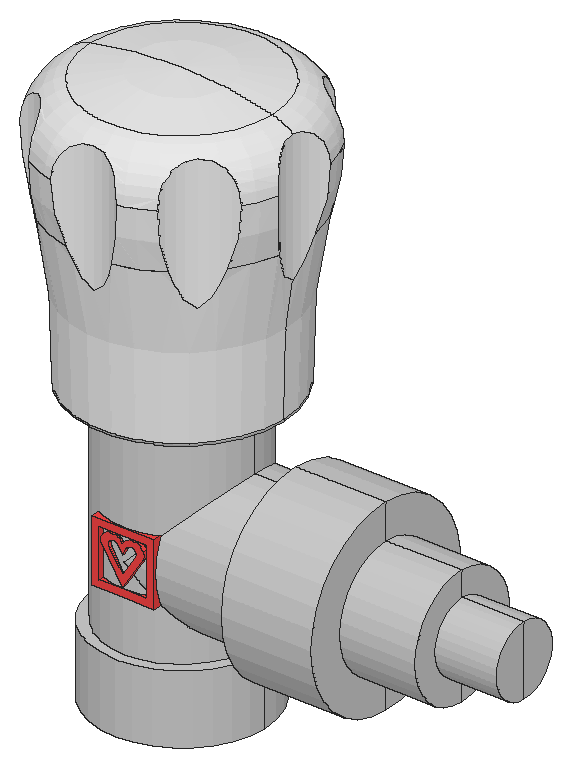
Revit family "GP Radiator Control Valve Angle Model 5524", category Rohrzubehör, Revit 2018
Family settings
  Bemaßung runder Anschluss = Durchmesser verwenden
  Teiletyp = Unterbricht
  OmniClass-Nummer = 23.65.55.14
  OmniClass-Titel = Valves for Liquid Services
  Arbeitsebenenbasiert = Nein
  Immer vertikal = Ja
  Beim Laden mit Abzugskörper schneiden = Nein
  Gemeinsam genutzt = Nein
Parameters
  URL = "www.herzvalves.com"
  SCRNSEQ = "ARM;ARM_TYP=\"ALLF\";2"
  SCRNCODE = "05;00;02"  # constant formula
  S04 = 45.000 mm  # constant formula
  S03 [instance] = H02 - 5.000 mm + 41.000 mm  # 60.000 mm
  S02 [instance] = L04 + L03 - L02  # 25.500 mm
  S01 = 10.000 mm  # constant formula
  Part number [instance] = size_lookup("5524_", "Artnr", 0, Nennweite)  # 1552420
  Nennweite [instance] = 10.000 mm
  Model = "These universal models are nickel-plated and equipped with special sockets for threaded pipe and compression union connections."
  Medium = "Hot water quality according to Austrian standard ÖNORM H 5195 and/or VDI guideline 2035."
  Max. operating temperature = 110 °C  # constant formula
  Max. operating pressure = 1000000.0 Pa  # constant formula
  LO1 [instance] = R01 - 0.500 mm  # 10.000 mm
  L04 [instance] = size_lookup("5524_", "L4", 1.000 mm, Nennweite)  # 20.000 mm
  L03 [instance] = size_lookup("5524_", "L3", 1.000 mm, Nennweite)  # 13.000 mm
  L02 [instance] = size_lookup("5524_", "L2", 1.000 mm, Nennweite)  # 7.500 mm
  L01 [instance] = size_lookup("5524_", "L1", 1.000 mm, Nennweite)  # 24.000 mm
  Hersteller = "HERZ Armaturen Ges.m.b.H."  # constant formula
  Hand wheel = "plastic, white"  # constant formula
  H03 [instance] = size_lookup("5524_", "H3", 1.000 mm, Nennweite)  # 10.000 mm
  H02 [instance] = size_lookup("5524_", "H2", 1.000 mm, Nennweite)  # 24.000 mm
  H01 [instance] = size_lookup("5524_", "H1", 1.000 mm, Nennweite)  # 22.000 mm
  GT1 [instance] = size_lookup("5524_", "GT1", 1.000 mm, Nennweite)  # 9.000 mm
  GT [instance] = size_lookup("5524_", "GT", 1.000 mm, Nennweite)  # 9.500 mm
  G2 [instance] = Nennweite / 2  # 5.000 mm
  G1 [instance] = Nennweite / 2  # 5.000 mm
  R01 = 10.500 mm  # constant formula
  D05 [instance] = size_lookup("5524_", "D5", 1.000 mm, Nennweite)  # 8.500 mm
  D04 [instance] = size_lookup("5524_", "D4", 1.000 mm, Nennweite)  # 13.500 mm
  D03 [instance] = R01  # 10.500 mm
  D02 [instance] = size_lookup("5524_", "D2", 1.000 mm, Nennweite)  # 7.940 mm
  D01 [instance] = size_lookup("5524_", "D1", 1.000 mm, Nennweite)  # 12.000 mm
  Body = "nickel-plated"  # constant formula
Reference planes
  plane 1 "Mitte (Vorne/hinten)": y = 0
  plane 2: z = 0
  plane 3 "Mitte (Links/rechts)": x = 0
Forms (mm)
  Revolve 1, solid, material "Messing, weicher Gelbton, geschweißt", detail levels fine
    sketch origin (0, 0, 0) x (1, 0, 0) y (0, 0, 1)
      loop
        line (0, 24) -> (-10.5, 24) -> (-10.5, -12) -> (-12, -12) -> (-12, -22) -> (-5, -22) -> (-5, -12.5) -> (0, -12.5) -> (0, 24)
      axis (0, 24) -> (0, -22)
    angle from 0 to 360
  Revolve 2, solid, material "Messing, weicher Gelbton, geschweißt", detail levels fine
    sketch origin (0, 0, 0) x (1, 0, 0) y (0, 0, 1)
      loop
        line (0, 0) -> (24, 0) -> (24, 7.94) -> (16.5, 7.94) -> (16.5, 10.5) -> (0, 10.5) -> (0, 0)
      axis (0, 0) -> (24, 0)
    angle from 0 to 360
  Revolve 3, solid, material "Messing, weicher Gelbton, geschweißt", detail levels fine
    sketch origin (-1, 0, 0) x (1, 0, 0) y (0, 0, 1)
      loop
        line (25, 0) -> (50.5, 0) -> (50.5, 5) -> (41.5, 5) -> (41.5, 8.5) -> (30.5, 8.5) -> (30.5, 13.5) -> (17.5, 13.5) -> (17.5, 7.94) -> (25, 7.94) -> (25, 0)
      axis (17.5, 0) -> (50.5, 0)
    angle from 0 to 360
Lines and regions (mm)
  model lines, detail levels coarse+medium
    curve 1: line (0, 0, 0) -> (12, 0, -22)
    curve 2: line (12, 0, -22) -> (-12, 0, -22)
    curve 3: line (-12, 0, -22) -> (0, 0, 0)
    curve 4: line (0, 0, 0) -> (24, 0, 13.5)
    curve 5: line (24, 0, 13.5) -> (24, 0, -13.5)
    curve 6: line (24, 0, -13.5) -> (0, 0, 0)
    curve 7: line (24, 0, 13.5) -> (34, 0, 13.5)
    curve 8: line (34, 0, 13.5) -> (24, 0, 0)
    curve 9: line (24, 0, -13.5) -> (34, 0, -13.5)
    curve 10: line (34, 0, -13.5) -> (24, 0, 0)
    curve 11: line (24, 0, 0) -> (49.5, 0, 0)
    curve 12: line (0, 0, 0) -> (0, 0, 60)
    curve 13: line (-22.5, 0, 60) -> (22.5, 0, 60)
    curve 14: line (0, 0, 0) -> (0, 60, 0)
    curve 15: line (-22.5, 60, 0) -> (22.5, 60, 0)
    curve 16: line (0, 0, 0) -> (12, -22, 0)
    curve 17: line (12, -22, 0) -> (-12, -22, 0)
    curve 18: line (-12, -22, 0) -> (0, 0, 0)
    curve 19: line (0, 0, 0) -> (24, 13.5, 0)
    curve 20: line (24, 13.5, 0) -> (24, -13.5, 0)
    curve 21: line (24, -13.5, 0) -> (0, 0, 0)
    curve 22: line (24, 13.5, 0) -> (34, 13.5, 0)
    curve 23: line (34, 13.5, 0) -> (24, 0, 0)
    curve 24: line (24, -13.5, 0) -> (34, -13.5, 0)
    curve 25: line (24, 0, 0) -> (34, -13.5, 0)
Dimensions and locks
  "H02": Revolve 1 sketch curve to plane 2
  "H01": plane 2 to Revolve 1 sketch curve
  "R01": Revolve 1 sketch curve to Revolve 1 sketch curve
  "G1": Revolve 1 sketch curve to Revolve 1 sketch curve
  "D01": Revolve 1 sketch curve to Revolve 1 sketch curve
  "GT": Revolve 1 sketch curve to Revolve 1 sketch curve
  "H03": Revolve 1 sketch curve to Revolve 1 sketch curve
  "D02": Revolve 2 sketch curve to Revolve 2 sketch curve
  "D03": Revolve 2 sketch curve to Revolve 2 sketch curve
  "L01": Revolve 2 sketch curve to Revolve 2 sketch curve
  "L02": Revolve 2 sketch curve to Revolve 2 sketch curve
  "H02": nested 1 to plane 2
  "LO1": nested 2 to plane 1 "Mitte (Vorne/hinten)"
  "L02": Revolve 3 sketch curve to Revolve 3 sketch curve
  "L03": Revolve 3 sketch curve to Revolve 3 sketch curve
  "L04": Revolve 3 sketch curve to Revolve 3 sketch curve
  "D04": Revolve 3 sketch curve to Revolve 3 sketch curve
  "G2": Revolve 3 sketch curve to Revolve 3 sketch curve
  "D05": Revolve 3 sketch curve to Revolve 3 sketch curve
  "GT1": Revolve 3 sketch curve to Revolve 3 sketch curve
  "L01": plane 3 "Mitte (Links/rechts)" to Revolve 3 sketch curve
  "D02": Revolve 3 sketch curve to plane 2
  "H01": plane 2 to curve 2
  "L01": curve 5 to plane 3 "Mitte (Links/rechts)"
  "D01": curve 2 to plane 3 "Mitte (Links/rechts)" to curve 3
  "D04": curve 5 to plane 2 to curve 6
  "S01": curve 5 to curve 8
  "S01": curve 5 to curve 10
  "S02": curve 11 to curve 11
  "S03": curve 12 to plane 2
  equal spacing: curve 13, curve 12, curve 13
  "S04": curve 13 to curve 13
  "S04": curve 15 to curve 15
  equal spacing: curve 15, curve 14, curve 15
  "S03": plane 1 "Mitte (Vorne/hinten)" to curve 14
  "H01": curve 17 to plane 1 "Mitte (Vorne/hinten)"
  "D01": curve 18 to plane 3 "Mitte (Links/rechts)" to curve 17
  "L01": plane 3 "Mitte (Links/rechts)" to curve 20
  "D04": curve 21 to plane 1 "Mitte (Vorne/hinten)" to curve 20
  "S01": curve 20 to curve 23
  "S01": curve 20 to curve 25
  aligned and locked: level to plane 2
Automatic sketch dimensions
  curve 12 to plane 3 "Mitte (Links/rechts)" = 0.000 mm
  curve 4 to level = 0.000 mm
  curve 10 to level = 0.000 mm
  curve 8 to level = 0.000 mm
  plane 1 "Mitte (Vorne/hinten)" to curve 16 = 0.000 mm
  curve 16 to plane 3 "Mitte (Links/rechts)" = 0.000 mm
  plane 1 "Mitte (Vorne/hinten)" to curve 23 = 0.000 mm
  Revolve 1 sketch curve to plane 3 "Mitte (Links/rechts)" = 0.000 mm  (x2)
  Revolve 1 sketch curve to Revolve 1 sketch curve = 345.545 mm
  Revolve 1 sketch curve to Revolve 1 sketch curve = 2189.815 mm
  Revolve 2 sketch curve to level = 0.000 mm  (x2)
  Revolve 2 sketch curve to plane 3 "Mitte (Links/rechts)" = 0.000 mm
  Revolve 2 sketch curve to plane 3 "Mitte (Links/rechts)" = 1506.530 mm
  Revolve 2 sketch curve to Revolve 2 sketch curve = 1815.148 mm
  Revolve 3 sketch curve to level = 0.000 mm  (x2)
  Revolve 3 sketch curve to plane 3 "Mitte (Links/rechts)" = 1507.530 mm
  Revolve 3 sketch curve to Revolve 3 sketch curve = 1789.648 mm
Nested families
  nested 1: "Handrad-Heizkörperventile" at (0, 0, 18.5), type "Handrad-Heizkörperventile", detail levels fine
  nested 2: "Herz-Logo-vorne" at (0, -10, 0) x (0, -1, 0) z (0, 0, 1), type "Herz-Logo-vorne", detail levels fine
Connectors
  piping at (0, 0, -12.5), diameter 10, driven by "Nennweite"
    settings: on Revolve 1, index 1, connector inside diameter 609.6 mm, connector length 0.000 mm, flow factor 0, pipe flow 0.0 L/s, pressure drop 0.0 Pa, fitting loss kfactor 0, connector angle 0.00°, fixture units 0, engagement length 0.000 mm, angle of deflection 0.00°, flow configuration 0, flow direction 1, fitting loss method 0, system type 7, joint type 0, gender type 0, connector reference index -1, connector utility 0, adjustable connector no, is connector primary yes, connector description ""
  piping at (49.5, 0, 0), diameter 10, driven by "Nennweite"
    settings: on Revolve 3, index 2, connector inside diameter 609.6 mm, connector length 0.000 mm, flow factor 0, pipe flow 0.0 L/s, pressure drop 0.0 Pa, fitting loss kfactor 0, connector angle 0.00°, fixture units 0, engagement length 0.000 mm, angle of deflection 0.00°, flow configuration 0, flow direction 2, fitting loss method 0, system type 7, joint type 0, gender type 0, connector reference index -1, connector utility 0, adjustable connector no, is connector primary no, connector description ""
Definition of nested family "Handrad-Heizkörperventile"
  Parameters (values of type "Handrad-Heizkörperventile")
    T01 = 5.500 mm  # constant formula
    R01 = 10.500 mm  # constant formula
  Reference planes
    plane 1 "Mitte (Vorne/hinten)": y = 0
    plane 2: z = 0
    plane 3 "Mitte (Links/rechts)": x = 0
  Forms (mm)
    Revolve 1, solid, detail levels fine
      sketch origin (0, 0, 0) x (1, 0, 0) y (0, 0, 1)
        loop
          line (10.5, 0) -> (14.25, 0)
          arc (14.25, 0) -> (14.604, 0.146) -> (14.75, 0.5) r 0.5
          arc (14.75, 0.5) -> (15.098, 12.356) -> (17.195, 24.03) r 80
          arc (17.195, 24.03) -> (18.172, 28.281) -> (18.5, 32.63) r 29
          arc (18.5, 32.63) -> (17.011, 36.946) -> (13.177, 39.426) r 7
          arc (13.177, 39.426) -> (6.637, 40.626) -> (0, 41.028) r 55
          line (0, 41.028) -> (0, 5.5) -> (10.5, 5.5) -> (10.5, 0)
        axis (0, 41.028) -> (0, 0)
      angle from 0 to 360
    Extrusion 2, void
      sketch origin (0, 0, 0) x (1, 0, 0) y (0, 1, 0)
        loop
          arc (-16.011, 9.268) -> (-11.314, 11.314) -> (-9.268, 16.011) r 7
          arc (-9.268, 16.011) -> (-13.081, 13.081) -> (-16.011, 9.268) r 18.5
        loop
          arc (16.011, 9.268) -> (13.081, 13.081) -> (9.268, 16.011) r 18.5
          arc (9.268, 16.011) -> (11.314, 11.314) -> (16.011, 9.268) r 7
        loop
          arc (-16.011, -9.268) -> (-13.081, -13.081) -> (-9.268, -16.011) r 18.5
          arc (-9.268, -16.011) -> (-11.314, -11.314) -> (-16.011, -9.268) r 7
        loop
          arc (16.011, -9.268) -> (11.314, -11.314) -> (9.268, -16.011) r 7
          arc (9.268, -16.011) -> (13.081, -13.081) -> (16.011, -9.268) r 18.5
        loop
          arc (17.953, 4.58) -> (16.078, -0.188) -> (17.953, -4.956) r 7
          arc (17.953, -4.956) -> (18.578, -0.188) -> (17.953, 4.58) r 18.5
        loop
          arc (-17.953, 4.58) -> (-18.578, -0.188) -> (-17.953, -4.956) r 18.5
          arc (-17.953, -4.956) -> (-16.078, -0.188) -> (-17.953, 4.58) r 7
        loop
          arc (-4.58, 17.953) -> (0.188, 16.078) -> (4.956, 17.953) r 7
          arc (4.956, 17.953) -> (0.188, 18.578) -> (-4.58, 17.953) r 18.5
        loop
          arc (-4.58, -17.953) -> (0.188, -18.578) -> (4.956, -17.953) r 18.5
          arc (4.956, -17.953) -> (0.188, -16.078) -> (-4.58, -17.953) r 7
      from 15.609 to 43.011
  Cuts and joins
    Extrusion 2 cuts Revolve 1
  Dimensions and locks
    "R01": Revolve 1 sketch curve to Revolve 1 sketch curve
    Revolve 1 sketch curve to plane 3 "Mitte (Links/rechts)" = 14.750 mm
    "T01": Revolve 1 sketch curve to Revolve 1 sketch curve
    aligned and locked: level to plane 2
  Automatic sketch dimensions
    Extrusion 2 sketch curve to Extrusion 2 sketch curve = 0.000 mm  (x14)
    plane 1 "Mitte (Vorne/hinten)" to Extrusion 2 sketch curve = 0.000 mm
    Extrusion 2 sketch curve to plane 3 "Mitte (Links/rechts)" = 0.000 mm
    Extrusion 2 sketch curve to plane 3 "Mitte (Links/rechts)" = 0.078 mm
    Extrusion 2 sketch curve to plane 3 "Mitte (Links/rechts)" = 16.263 mm  (x2)
    plane 1 "Mitte (Vorne/hinten)" to Extrusion 2 sketch curve = 0.188 mm  (x2)
    Extrusion 2 sketch curve to Extrusion 2 sketch curve = 6.815 mm  (x4)
    plane 3 "Mitte (Links/rechts)" to Extrusion 2 sketch curve = 0.078 mm
    plane 3 "Mitte (Links/rechts)" to Extrusion 2 sketch curve = 0.188 mm  (x2)
    plane 1 "Mitte (Vorne/hinten)" to Extrusion 2 sketch curve = 0.078 mm
    Extrusion 2 sketch curve to Extrusion 2 sketch curve = 0.110 mm  (x2)
    Extrusion 2 sketch curve to plane 1 "Mitte (Vorne/hinten)" = 0.078 mm
    plane 3 "Mitte (Links/rechts)" to Extrusion 2 sketch curve = 16.263 mm  (x2)
    plane 1 "Mitte (Vorne/hinten)" to Extrusion 2 sketch curve = 16.263 mm  (x2)
    Extrusion 2 sketch curve to plane 1 "Mitte (Vorne/hinten)" = 16.263 mm  (x2)
    Extrusion 2 sketch curve to plane 3 "Mitte (Links/rechts)" = 4.580 mm  (x2)
    Extrusion 2 sketch curve to Extrusion 2 sketch curve = 4.688 mm  (x2)
    Extrusion 2 sketch curve to Extrusion 2 sketch curve = 0.252 mm  (x4)
    Extrusion 2 sketch curve to Extrusion 2 sketch curve = 1.942 mm  (x4)
    Extrusion 2 sketch curve to Extrusion 2 sketch curve = 4.312 mm  (x4)
    Revolve 1 sketch curve to plane 3 "Mitte (Links/rechts)" = 0.000 mm  (x2)
    Revolve 1 sketch curve to level = 0.000 mm
    Revolve 1 sketch curve to plane 3 "Mitte (Links/rechts)" = 10.500 mm
    plane 3 "Mitte (Links/rechts)" to Revolve 1 sketch curve = 11.500 mm
    Revolve 1 sketch curve to Revolve 1 sketch curve = 0.500 mm
    level to Revolve 1 sketch curve = 4.086 mm
    Revolve 1 sketch curve to Revolve 1 sketch curve = 79.920 mm
    Revolve 1 sketch curve to level = 13.972 mm
    Revolve 1 sketch curve to Revolve 1 sketch curve = 27.130 mm
    Revolve 1 sketch curve to Revolve 1 sketch curve = 8.398 mm
    Revolve 1 sketch curve to Revolve 1 sketch curve = 0.000 mm
    Revolve 1 sketch curve to Revolve 1 sketch curve = 1.305 mm
    Revolve 1 sketch curve to Revolve 1 sketch curve = 352.073 mm
    Revolve 1 sketch curve to Revolve 1 sketch curve = 2173.287 mm
Definition of nested family "Herz-Logo-vorne"
  Reference planes
    plane 1 "Mitte (Vorne/hinten)": y = 0
    plane 2: z = 0
    plane 3 "Mitte (Links/rechts)": x = 0
  Forms (mm)
    Extrusion 1, solid
      sketch origin (0.732, -0.018, 0.017) x (0, -1, 0) y (0, 0, 1)
        loop
          line (-0.018, -4.517) -> (4.482, -4.517) -> (4.482, 4.483) -> (-4.518, 4.483) -> (-4.518, -4.517) -> (-0.018, -4.517)
        loop
          line (-0.05, -3.48) -> (3.482, -3.48) -> (3.482, 3.483) -> (-3.518, 3.483) -> (-3.518, -3.48) -> (-0.05, -3.48)
        loop
          arc (-0.018, 2.383) -> (-1.543, 3.287) -> (-3.067, 2.383) r 1.738
          arc (-3.067, 2.383) -> (-3.191, 1.899) -> (-3.067, 1.415) r 1.009
          line (-3.067, 1.415) -> (-0.018, -3.281) -> (3.032, 1.415)
          arc (3.032, 1.415) -> (3.156, 1.899) -> (3.032, 2.383) r 1.009
          arc (3.032, 2.383) -> (1.507, 3.287) -> (-0.018, 2.383) r 1.738
        loop
          arc (1.885, 1.272) -> (2.005, 1.675) -> (1.885, 2.079) r 0.74
          arc (1.885, 2.079) -> (1.265, 2.416) -> (0.644, 2.079) r 0.74
          line (0.644, 2.079) -> (-0.018, 0.97) -> (-0.679, 2.079)
          arc (-0.679, 2.079) -> (-1.3, 2.416) -> (-1.921, 2.079) r 0.74
          arc (-1.921, 2.079) -> (-2.04, 1.675) -> (-1.921, 1.272) r 0.74
          line (-1.921, 1.272) -> (-0.018, -1.658) -> (1.885, 1.272)
      from 0 to 1.5
  Dimensions and locks
    aligned and locked: level to plane 2
